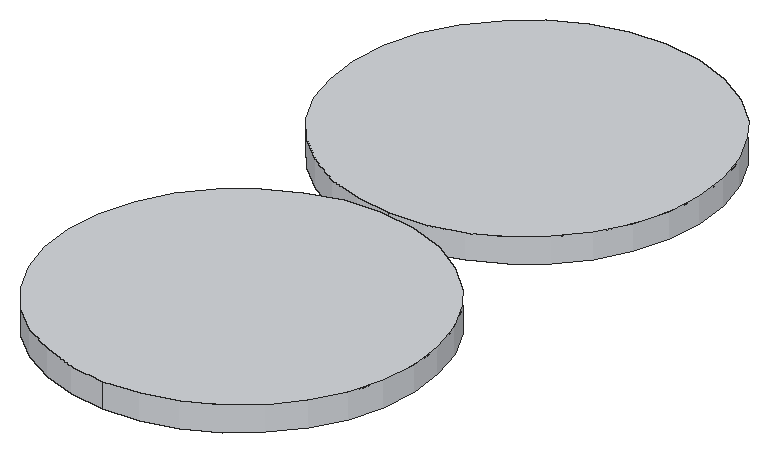
Revit family "Deca_Acionamento monocomando mesa quadrada_Deca You_4990.105", category Plumbing Fixtures, host Face, Revit 2020
Family settings
  Host = Face
  Round Connector Dimension = Use Radius
  Part Type = Normal
  Cut with Voids When Loaded = No
  Shared = No
  Room Calculation Point = No
Parameters (values of type "4990.C105_Cromado")
  WFU = 0
  Vazão na Pressão mín. (L/min) = ""
  Vazão na Pressão máx. (L/min) = ""
  URL = "www.deca.com.br"
  Tipo de rosca de saída = "BSP"
  Tipo de rosca de entrada = "BSP"
  Tipo de mecanismo utilizado = "Cartucho moncomando Rotativo"
  Tipo de dispositivo economizador = "-"
  Segmento = "Luxo"
  Saída de Esgoto = "-"
  Raio Água Fria = 0.00 m  # constant formula
  Raio Ponto de Esgoto = 0.00 m  # constant formula
  Pressão mín. funcionamento = ""
  Pressão mín. Aquec. Passagem = "-"
  Pressão mín. Aquec. Acúmulo = "-"
  Pressão máx. funcionamento = ""
  Peso Líquido (Kg) = 0
  Norma = "Não possui"
  Model = "4990.C105"
  Material = Deca_Cromado
  Manufacturer = "DECA"
  Linha = "Deca You"
  Itens de Instalação = "Mangueira Flexivel"
  Informações Complementares = ""
  Diâmetro Água Fria = 2 * Raio Água Fria  # 0.00 m
  Diâmetro Ponto de Esgoto = 2 * Raio Ponto de Esgoto  # 0.00 m
  Description = ""
  Default Elevation = 0.00 m
  Código Pai = "4990.C105"
  Criado por = "quattroD"
  Cores Componente = ""
  Cor Secundária = "-"
  Cor Principal = "Cromado"
  Cor Interna = ""
  Consumo = "-"
  Composição Componente = ""
  Composição Básica = "Liga de Cobre (Latão),Plásticos de Engenharia, Aço Inoxidavel e Elastômeros"
  Composição Assento = ""
  Composição Anel Vedação = ""
  Categoria = "Acionamento  Monoc Lavatório / Banheiro"
  CWFU = 0
  Atendimento ao Cliente = "0800-0117073"
  Assembly Code = ""
  Aprovado por = "quattroD"
  Acompanha o Produto = "Flexiveis e Adaptadores de Rosca"
Types (11, lengths in m): name | Model | Material | Código Pai | Cor Principal
  4990.C105_Cromado | "4990.C105" | Deca_Cromado | "4990.C105" | "Cromado"
  4990.BL105.MT_Black Matte | "4990.BL105.MT" | Deca_Black Matte | "4990.BL105.MT" | "Black Matte"
  4990.GF105.MT_Grafite | "4990.GF105.MT" | Deca_Grafite | "4990.GF105.MT" | "Antracite Dark"
  4990.INX105_Inox | "4990.INX105" | Deca_Inox | "4990.INX105" | "Inox"
  4990.MR105.MT_Brown Matte | "4990.MR105.MT" | Deca_Brown Matte | "4990.MR105.MT" | "BROWN MATTE"
  4990.SM105.MT_Summer Gold | "4990.SM105.MT" | Deca_Summer Gold | "4990.SM105.MT" | "SUMMER GOLD"
  4990.BR105.MT_Dynamic White | "4990.BR105.MT" | Deca_Dynamic White | "4990.BR105.MT" | "Dynamic White"
  4990.LS105.MT_Dynamic Gold | "4990.LS105.MT" | Deca_Dynamic Gold | "4990.LS105.MT" | "Dynamic Gold"
  4990.CL105.MT_Dynamic Peach | "4990.CL105.MT" | Deca_Dynamic Peach | "4990.CL105.MT" | "Dynamic Peach"
  4990.LV105.MT_Dynamic Lilac | "4990.LV105.MT" | Deca_Dynamic Lilac | "4990.LV105.MT" | "Dynamic Lilac"
  4990.AZ105.MT_Dynamic Blue | "4990.AZ105.MT" | Deca_Dynamic Blue | "4990.AZ105.MT" | "Dynamic Blue"
Reference planes (m)
  plane 1 "Center (Front/Back)": y = 0
  plane 2: z = 0
  plane 3 "Center (Left/Right)": x = -0.001415
  plane 4: y = 0.038049
  plane 5: y = -0.037951
  plane 6: x = 0.036585
  plane 7: x = -0.039415
  plane 8: z = 0.042
Forms (m)
  Extrusion 1, solid
    sketch origin (-0.000428, 0.003162, 0) x (1, 0, 0) y (0, -1, 0)
      loop
        circle (-0.000719, 0.010432) r 0.007
    from 0 to 0.001
  Extrusion 2, solid
    sketch origin (-0.000165, 0.018127, 0) x (1, 0, 0) y (0, -1, 0)
      loop
        circle (-0.000719, 0.011286) r 0.007
    from 0 to 0.001
Lines and regions (m)
  Masking region 1
    outline origin (-0.112975, -0.081508, 0) x (1, 0, 0) y (0, 1, 0)
      loop
        arc (0.149561, 0.094557) -> (0.142238, 0.112235) -> (0.124561, 0.119557) r 0.025
        line (0.124561, 0.119557) -> (0.098561, 0.119557)
        arc (0.098561, 0.119557) -> (0.080883, 0.112235) -> (0.073561, 0.094557) r 0.025
        line (0.073561, 0.094557) -> (0.073561, 0.068557)
        arc (0.073561, 0.068557) -> (0.080878, 0.050884) -> (0.098547, 0.043557) r 0.025
        line (0.098547, 0.043557) -> (0.124574, 0.043557)
        arc (0.124574, 0.043557) -> (0.142243, 0.050884) -> (0.149561, 0.068557) r 0.025
        line (0.149561, 0.068557) -> (0.149561, 0.094557)
  Masking region 2
    outline origin (-0.112975, 0, -0.166621) x (1, 0, 0) y (0, 0, 1)
      loop
        line (0.115011, 0.208621) -> (0.086561, 0.208621) -> (0.083561, 0.205621) -> (0.083561, 0.178621) -> (0.099561, 0.178621) -> (0.099561, 0.177621)
        arc (0.099561, 0.177621) -> (0.099268, 0.176914) -> (0.098561, 0.176621) r 0.001
        line (0.098561, 0.176621) -> (0.083561, 0.176621) -> (0.083561, 0.168621) -> (0.073561, 0.168621) -> (0.073561, 0.166621) -> (0.098561, 0.166621) -> (0.124561, 0.166621) -> (0.149561, 0.166621) -> (0.149561, 0.168621) -> (0.139561, 0.168621) -> (0.139561, 0.176621) -> (0.124561, 0.176621)
        arc (0.124561, 0.176621) -> (0.123854, 0.176914) -> (0.123561, 0.177621) r 0.001
        line (0.123561, 0.177621) -> (0.123561, 0.178621) -> (0.139561, 0.178621) -> (0.139561, 0.205621) -> (0.136561, 0.208621) -> (0.115011, 0.208621)
  Masking region 3
    outline origin (-0.001415, 0.261609, -0.166621) x (0, 1, 0) y (0, 0, 1)
      loop
        line (-0.260718, 0.208621) -> (-0.286561, 0.208621) -> (-0.289561, 0.205621) -> (-0.289561, 0.178621) -> (-0.273561, 0.178621) -> (-0.273561, 0.177621)
        arc (-0.273561, 0.177621) -> (-0.273854, 0.176914) -> (-0.274561, 0.176621) r 0.001
        line (-0.274561, 0.176621) -> (-0.289561, 0.176621) -> (-0.289561, 0.168621) -> (-0.299561, 0.168621) -> (-0.299561, 0.166621) -> (-0.274561, 0.166621) -> (-0.248561, 0.166621) -> (-0.223561, 0.166621) -> (-0.223561, 0.168621) -> (-0.233561, 0.168621) -> (-0.233561, 0.176621) -> (-0.248561, 0.176621)
        arc (-0.248561, 0.176621) -> (-0.249268, 0.176914) -> (-0.249561, 0.177621) r 0.001
        line (-0.249561, 0.177621) -> (-0.249561, 0.178621) -> (-0.233561, 0.178621) -> (-0.233561, 0.205621) -> (-0.236561, 0.208621) -> (-0.260718, 0.208621)
  symbolic lines
    curve 1: line (0.011585, 0.028049, 0) -> (-0.014415, 0.028049, 0)
    curve 2: arc (0.026585, 0.013049, 0) -> (0.022192, 0.023655, 0) -> (0.011585, 0.028049, 0) r 0.015
    curve 3: line (0.026585, 0.013049, 0) -> (0.026585, -0.012951, 0)
    curve 4: arc (0.011585, -0.027951, 0) -> (0.022192, -0.023558, 0) -> (0.026585, -0.012951, 0) r 0.015
    curve 5: line (-0.014415, -0.027951, 0) -> (0.011585, -0.027951, 0)
    curve 6: arc (-0.029415, -0.012951, 0) -> (-0.025021, -0.023558, 0) -> (-0.014415, -0.027951, 0) r 0.015
    curve 7: line (-0.029415, -0.012951, 0) -> (-0.029415, 0.013049, 0)
    curve 8: arc (-0.014415, 0.028049, 0) -> (-0.025021, 0.023655, 0) -> (-0.029415, 0.013049, 0) r 0.015
    curve 9: arc (-0.014415, 0.022849, 0) -> (-0.021344, 0.019978, 0) -> (-0.024215, 0.013049, 0) r 0.0098
    curve 10: line (0.011585, 0.022849, 0) -> (-0.014415, 0.022849, 0)
    curve 11: arc (0.021385, 0.013049, 0) -> (0.018515, 0.019978, 0) -> (0.011585, 0.022849, 0) r 0.0098
    curve 12: line (0.021385, 0.013049, 0) -> (0.021385, -0.012951, 0)
    curve 13: arc (0.011576, -0.022751, 0) -> (0.018512, -0.019884, 0) -> (0.021385, -0.012951, 0) r 0.0098
    curve 14: line (-0.014405, -0.022751, 0) -> (0.011576, -0.022751, 0)
    curve 15: arc (-0.024215, -0.012951, 0) -> (-0.021341, -0.019884, 0) -> (-0.014405, -0.022751, 0) r 0.0098
    curve 16: line (-0.024215, -0.012951, 0) -> (-0.024215, 0.013049, 0)
    curve 17: arc (-0.014415, 0.025049, 0) -> (-0.0229, 0.021534, 0) -> (-0.026415, 0.013049, 0) r 0.012
    curve 18: line (-0.014415, 0.025049, 0) -> (0.011585, 0.025049, 0)
    curve 19: arc (0.023585, 0.013049, 0) -> (0.020071, 0.021534, 0) -> (0.011585, 0.025049, 0) r 0.012
    curve 20: line (0.023585, -0.012951, 0) -> (0.023585, 0.013049, 0)
    curve 21: arc (0.011585, -0.024951, 0) -> (0.020071, -0.021436, 0) -> (0.023585, -0.012951, 0) r 0.012
    curve 22: line (0.011585, -0.024951, 0) -> (-0.014415, -0.024951, 0)
    curve 23: arc (-0.026415, -0.012951, 0) -> (-0.0229, -0.021436, 0) -> (-0.014415, -0.024951, 0) r 0.012
    curve 24: line (-0.026415, 0.013049, 0) -> (-0.026415, -0.012951, 0)
    curve 25: line (-0.001415, 0.045589, 0) -> (-0.001415, -0.040273, 0)
    curve 26: line (-0.034415, 0.000049, 0) -> (-0.034415, -0.012951, 0)
    curve 27: line (-0.033915, -0.012951, 0) -> (-0.033915, -0.000817, 0)
    curve 28: line (-0.033029, -0.000751, 0) -> (-0.034415, 0.000049, 0)
    curve 29: arc (-0.034415, -0.012951, 0) -> (-0.03294, -0.020489, 0) -> (-0.028732, -0.026915, 0) r 0.02
    curve 30: arc (-0.033915, -0.012951, 0) -> (-0.032478, -0.020298, 0) -> (-0.028379, -0.026562, 0) r 0.0195
    curve 31: arc (-0.028379, -0.027269, 0) -> (-0.021958, -0.031474, 0) -> (-0.014427, -0.032951, 0) r 0.02
    curve 32: arc (-0.028075, -0.026965, 0) -> (-0.021781, -0.031026, 0) -> (-0.014427, -0.032451, 0) r 0.01975
    curve 33: line (-0.014427, -0.032951, 0) -> (-0.001415, -0.032951, 0)
    curve 34: line (-0.001915, -0.032451, 0) -> (-0.014427, -0.032451, 0)
    curve 35: line (-0.001915, -0.031651, 0) -> (-0.001915, -0.032451, 0)
    curve 36: line (-0.001915, -0.031651, 0) -> (-0.001415, -0.031651, 0)
    curve 37: line (-0.028732, -0.026915, 0) -> (-0.028379, -0.026562, 0)
    curve 38: line (-0.028379, -0.027269, 0) -> (-0.028075, -0.026965, 0)
    curve 39: line (-0.033029, -0.000751, 0) -> (-0.033279, -0.001184, 0)
    curve 40: line (-0.033915, -0.000817, 0) -> (-0.033279, -0.001184, 0)
    curve 41: line (-0.048147, 0, 0) -> (0.045317, 0, 0)
    curve 42: line (-0.014415, 0, 0.042) -> (-0.014415, 0, 0.012)
    curve 43: line (0.011585, 0, 0.042) -> (0.011585, 0, 0.012)
    curve 44: line (-0.014415, 0, 0.012) -> (0.011585, 0, 0.012)
    curve 45: line (-0.013415, 0, 0.011) -> (0.010585, 0, 0.011)
    curve 46: line (-0.014415, 0, 0.01) -> (0.011585, 0, 0.01)
    curve 47: line (0.011585, 0, 0.01) -> (0.011585, 0, 0)
    curve 48: line (-0.014415, 0, 0.01) -> (-0.014415, 0, 0)
    curve 49: line (-0.001415, 0.013049, 0.012) -> (-0.001415, -0.012951, 0.012)
    curve 50: line (-0.001415, 0.012049, 0.011) -> (-0.001415, -0.011951, 0.011)
    curve 51: line (-0.001415, 0.013049, 0.01) -> (-0.001415, -0.012951, 0.01)
    curve 52: line (-0.001415, -0.012951, 0.01) -> (-0.001415, -0.012951, 0)
    curve 53: line (-0.001415, 0.013049, 0.01) -> (-0.001415, 0.013049, 0)
    curve 54: line (-0.001415, 0.013049, 0.042) -> (-0.001415, 0.013049, 0.012)
    curve 55: line (-0.001415, -0.012951, 0.042) -> (-0.001415, -0.012951, 0.012)
    curve 56: line (-0.001415, 0.028049, 0.002) -> (-0.001415, -0.027951, 0.002)
    curve 57: line (-0.029415, 0, 0.002) -> (0.026585, 0, 0.002)
Dimensions and locks (m)
  aligned and locked: host face to plane 2
  aligned and locked: level to host face
Connectors (m)
  piping at (-0.000884, 0.006841, -0.001), driven by "Raio Água Fria"
    settings: on Extrusion 2, index 1, connector diameter 0", connector inside diameter 24", connector length 0.00 m, flow factor 0, pipe flow 0 GPM, pressure drop 0.00 psi, fitting loss kfactor 0, connector angle 0.00°, fixture units 0, engagement length 0.00 m, angle of deflection 0.00°, flow configuration 3, flow direction 2, fitting loss method 4, system type 20, joint type 0, gender type 0, connector reference index -1, connector utility 0, adjustable connector no, is connector primary yes, connector description ""
  piping at (-0.001147, -0.00727, -0.001), driven by "Raio Água Fria"
    settings: on Extrusion 1, index 2, connector diameter 0", connector inside diameter 24", connector length 0.00 m, flow factor 0, pipe flow 0 GPM, pressure drop 0.00 psi, fitting loss kfactor 0, connector angle 0.00°, fixture units 0, engagement length 0.00 m, angle of deflection 0.00°, flow configuration 3, flow direction 2, fitting loss method 4, system type 19, joint type 0, gender type 0, connector reference index -1, connector utility 0, adjustable connector no, is connector primary no, connector description ""
